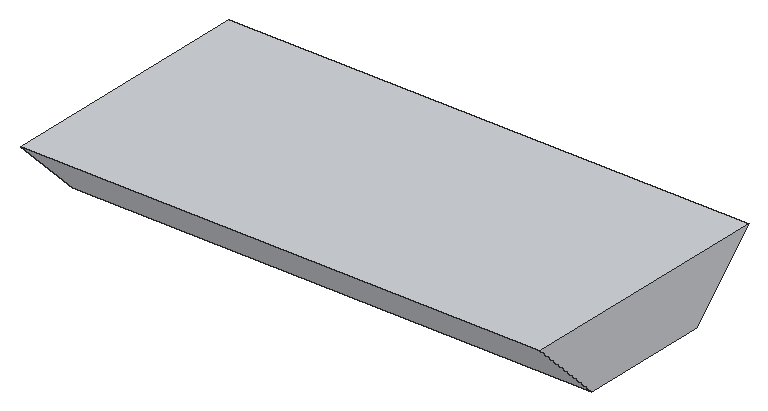
Revit family "6e464a584cb64a328c8e536158b54249", category Lighting Fixtures, host Face, Revit 2021
Family settings
  Host = Face
  Round Connector Dimension = Use Diameter
  Part Type = Normal
  OmniClass Number = 23.80.70.11.21
  OmniClass Title = Emergency Lighting
  Seek Item ID = Emergency Recessed Lighting Fixture-0000-USA-ENU
  Cut with Voids When Loaded = No
  Light Source = Yes
  Shared = No
  Room Calculation Point = No
Parameters (values of type "2x4 - 277")
  Width = 2' - 0"
  Wattage = 96 W
  built-in parameter 1150110 = 1 (stored number, unit not read)
  built-in parameter 1150109 = 1 (stored number, unit not read)
  built-in parameter 1150134 = 8
  built-in parameter 1150113 = 1 (stored number, unit not read)
  Tilt Angle = -90.00°
  Photometric Web File = "2x43A12.ies"
  Normal Voltage = 277 V
  Lumens = 8549.76 lm
  built-in parameter 1114217 = 0.88 (stored number, unit not read)
  built-in parameter 1150115 = 1 (stored number, unit not read)
  built-in parameter 1150105 = 680.37 (stored number, unit not read)
  Load Classification = Lighting - Dwelling Unit
  built-in parameter 1150137 = 1
  built-in parameter 1150139 = (empty or 0)
  Length = 4' - 0"
  built-in parameter 1150112 = 1 (stored number, unit not read)
  built-in parameter 1150114 = 1 (stored number, unit not read)
  built-in parameter 1150132 = (empty or 0)
  built-in parameter 1150102 = (empty or 0)
  built-in parameter 1150138 = (empty or 0)
  built-in parameter 1150107 = 4230 (stored number, unit not read)
  built-in parameter 1150106 = 6.8037 (stored number, unit not read)
  Emit from Rectangle Width = Width  # 2' - 0"
  Emit from Rectangle Length = Length  # 4' - 0"
  Emit Shape Visible in Rendering = no
  Emergency Voltage = 277 V
  Emergency Load = 32 VA
  built-in parameter 1150104 = 8.2739 (stored number, unit not read)
  Dimming Lamp Color Temperature Shift = <None>
  Depth = 0' - 6"
  Default Elevation = 4' - 0"
  Color Filter = 16777215
  built-in parameter 1140040 [instance] = 1
  built-in parameter 1114218 = 0.88 (stored number, unit not read)
  built-in parameter 1150133 = 10 (stored number, unit not read)
  Assembly Code = ""
  Apparent Load = 96 VA
Types (8): name | Width | Wattage | Photometric Web File | Normal Voltage | Lumens | built-in parameter 1150105 | Length | built-in parameter 1150106 | Emit from Rectangle Width | Emit from Rectangle Length | Emergency Voltage | Emergency Load | built-in parameter 1150104 | Apparent Load
  1x4 - 120 | 1' - 0" | 64 W | "1x42A12.ies" | 120 V | 5699.84 lm | 453.58 (stored number, unit not read) | 4' - 0" | 4.5358 (stored number, unit not read) | 1' - 0" | 4' - 0" | 120 V | 32 VA | 8.2739 (stored number, unit not read) | 64 VA
  1x4 - 277 | 1' - 0" | 64 W | "1x42A12.ies" | 277 V | 5699.84 lm | 453.58 (stored number, unit not read) | 4' - 0" | 4.5358 (stored number, unit not read) | 1' - 0" | 4' - 0" | 277 V | 32 VA | 8.2739 (stored number, unit not read) | 64 VA
  20x4 - 120 | 1' - 8" | 64 W | "20x42A12.ies" | 120 V | 5699.84 lm | 453.58 (stored number, unit not read) | 4' - 0" | 4.5358 (stored number, unit not read) | 1' - 8" | 4' - 0" | 120 V | 32 VA | 8.2739 (stored number, unit not read) | 64 VA
  20x4 - 277 | 1' - 8" | 64 W | "20x42A12.ies" | 277 V | 5699.84 lm | 453.58 (stored number, unit not read) | 4' - 0" | 4.5358 (stored number, unit not read) | 1' - 8" | 4' - 0" | 277 V | 32 VA | 8.2739 (stored number, unit not read) | 64 VA
  2x2 - 120 | 2' - 0" | 62 W | "2x22UA12.ies" | 120 V | 5199.94 lm | 413.8 (stored number, unit not read) | 2' - 0" | 4.138 (stored number, unit not read) | 2' - 0" | 2' - 0" | 120 V | 31 VA | 7.7918 (stored number, unit not read) | 62 VA
  2x2 - 277 | 2' - 0" | 62 W | "2x22UA12.ies" | 277 V | 5199.94 lm | 413.8 (stored number, unit not read) | 2' - 0" | 4.138 (stored number, unit not read) | 2' - 0" | 2' - 0" | 277 V | 31 VA | 7.7918 (stored number, unit not read) | 31 VA
  2x4 - 120 | 2' - 0" | 96 W | "2x43A12.ies" | 120 V | 8549.76 lm | 680.37 (stored number, unit not read) | 4' - 0" | 6.8037 (stored number, unit not read) | 2' - 0" | 4' - 0" | 120 V | 32 VA | 8.2739 (stored number, unit not read) | 96 VA
  2x4 - 277 | 2' - 0" | 96 W | "2x43A12.ies" | 277 V | 8549.76 lm | 680.37 (stored number, unit not read) | 4' - 0" | 6.8037 (stored number, unit not read) | 2' - 0" | 4' - 0" | 277 V | 32 VA | 8.2739 (stored number, unit not read) | 96 VA
Reference planes (in)
  plane 1 "Center (Front/Back)": y = 0
  plane 2: z = 0
  plane 3 "Center (Left/Right)": x = 0
  plane 4: x = 48
  plane 5: y = -24
  plane 6: z = -6
  plane 7: y = -12
  plane 8: y = -12
  plane 9: x = 24
Forms (in)
  Extrusion 1, solid, detail levels fine
    sketch origin (0, 0, 0) x (1, 0, 0) y (0, 1, 0)
      loop
        line (0, 0) -> (0, -24) -> (48, -24) -> (48, 0) -> (0, 0)
    from -6 to 0
  Extrusion 2, void
    sketch origin (0, 0, 0) x (0, 1, 0) y (0, 0, 1)
      loop
        line (0, 0) -> (-6, -6) -> (0, -6) -> (0, 0)
    from 0 to 48
  Extrusion 3, void
    sketch origin (0, -24, 0) x (0, -1, 0) y (0, 0, -1)
      loop
        line (0, 0) -> (0, 6) -> (-6, 6) -> (0, 0)
    from 0 to 48
  Extrusion 4, solid, detail levels coarse+medium
    sketch origin (0, 0, 0) x (1, 0, 0) y (0, 1, 0)
      loop
        line (0, 0) -> (0, -24) -> (48, -24) -> (48, 0) -> (0, 0)
    from -6 to 0
Cuts and joins
  Extrusion 2, Extrusion 3 cuts Extrusion 1
Dimensions and locks (in)
  "Width": plane 5 to plane 1 "Center (Front/Back)"
  "Length": plane 3 "Center (Left/Right)" to plane 4
  "Depth": plane 6 to host face
  "Depth": Extrusion 1 to Extrusion 2 sketch curve  (x2)
  "Depth": cut or joined group of Extrusion 1, Extrusion 2, Extrusion 3 to Extrusion 3 sketch curve
  "Depth": Extrusion 3 sketch curve to cut or joined group of Extrusion 1, Extrusion 2, Extrusion 3
  equal spacing: plane 5, plane 8, plane 1 "Center (Front/Back)"
  equal spacing: plane 3 "Center (Left/Right)", plane 9, plane 4
  aligned and locked: plane 2 to host face
  aligned and locked: level to host face
  aligned and locked: plane 3 "Center (Left/Right)" to Extrusion 1 sketch curve
  aligned and locked: plane 1 "Center (Front/Back)" to Extrusion 1 sketch curve
  aligned and locked: plane 5 to Extrusion 1 sketch curve
  aligned and locked: Extrusion 1 sketch curve to plane 4
  aligned and locked: Extrusion 1 to plane 6
  aligned and locked: level to Extrusion 1
  aligned and locked: Extrusion 2 sketch curve to plane 1 "Center (Front/Back)"
  aligned and locked: Extrusion 2 sketch curve to plane 6
  aligned and locked: Extrusion 2 to plane 3 "Center (Left/Right)"
  aligned and locked: plane 4 to Extrusion 2
  aligned and locked: Extrusion 3 to plane 5
  aligned and locked: Extrusion 1 to Extrusion 3
  aligned and locked: Extrusion 3 to plane 3 "Center (Left/Right)"
  aligned and locked: plane 4 to Extrusion 3
  aligned and locked: plane 3 "Center (Left/Right)" to Extrusion 4 sketch curve
  aligned and locked: plane 1 "Center (Front/Back)" to Extrusion 4 sketch curve
  aligned and locked: plane 5 to Extrusion 4 sketch curve
  aligned and locked: Extrusion 4 sketch curve to plane 4
  aligned and locked: Extrusion 4 to plane 6
  aligned and locked: host face to Extrusion 4
  aligned and locked: plane 2 to imposter light
  aligned and locked: plane 8 to imposter light
  aligned and locked: plane 9 to imposter light
Automatic sketch dimensions
  Extrusion 3 sketch curve to plane 6 = 0' - 0"
  Extrusion 3 sketch curve to plane 5 = 0' - 0"
  host sketch curve to host sketch curve = 8' - 10.44745"
  host sketch curve to host sketch curve = 7' - 7.85106"
Nested families (in)
  nested 1: "Emergency Detail" at (0, 0, 0), Width <- "Width", Length <- "Length", type "Emergency Detail"
    with Width 2' - 0", Length 4' - 0"
Connectors (in)
  electrical at (24, -12, -6), driven by "Apparent Load", driven by "Normal Voltage"
    settings: on Extrusion 1, index 1, voltage 277 V, apparent load 0 VA, apparent load phase1 96 VA, apparent load phase2 0 VA, apparent load phase3 0 VA, power factor 0.95, load classification "Lighting", number of poles 1, system type 31, power factor state 1, is connector primary yes, connector utility no, sub classification motor no, connector description ""
  electrical at (24, -12, -6), driven by "Emergency Load", driven by "Emergency Voltage", driven by "Load Classification"
    settings: on Extrusion 1, index 2, voltage 277 V, apparent load 0 VA, apparent load phase1 32 VA, apparent load phase2 0 VA, apparent load phase3 0 VA, power factor 0.95, load classification "Lighting - Dwelling Unit", number of poles 1, system type 31, power factor state 1, is connector primary no, connector utility no, sub classification motor no, connector description ""
Definition of nested family "Emergency Detail"
  Parameters
    Width [instance] = 2' - 0"
    Length [instance] = 4' - 0"
  Reference planes (in)
    plane 1 "Center (Front/Back)": y = 0
    plane 2: z = 0
    plane 3 "Center (Left/Right)": x = 0
    plane 4: y = -24
    plane 5: x = 48
  Lines and regions (in)
    Filled region 1, type "Solid Fill - Black", in view "Ref. Level"
      outline origin (0, 0, 0) x (1, 0, 0) y (0, 1, 0)
        loop
          line (0, 0) -> (48, -24) -> (48, 0) -> (0, 0)
    detail lines, in view "Ref. Level"
      curve 1: line (0, 0, 0) -> (0, -24, 0)
      curve 2: line (0, -24, 0) -> (48, -24, 0)
  Dimensions and locks (in)
    "Width": plane 4 to plane 1 "Center (Front/Back)"
    "Length": plane 3 "Center (Left/Right)" to plane 5
    aligned and locked: plane 1 "Center (Front/Back)" to curve 1
    aligned and locked: curve 1 to plane 3 "Center (Left/Right)"
    aligned and locked: plane 5 to curve 2
    aligned and locked: curve 2 to plane 4
  Automatic sketch dimensions
    curve 1 to plane 3 "Center (Left/Right)" = 0' - 0"
    Filled region 1 sketch curve to plane 3 "Center (Left/Right)" = 0' - 0"
    Filled region 1 sketch curve to plane 1 "Center (Front/Back)" = 0' - 0"
    Filled region 1 sketch curve to plane 5 = 0' - 0"
    Filled region 1 sketch curve to plane 4 = 0' - 0"
